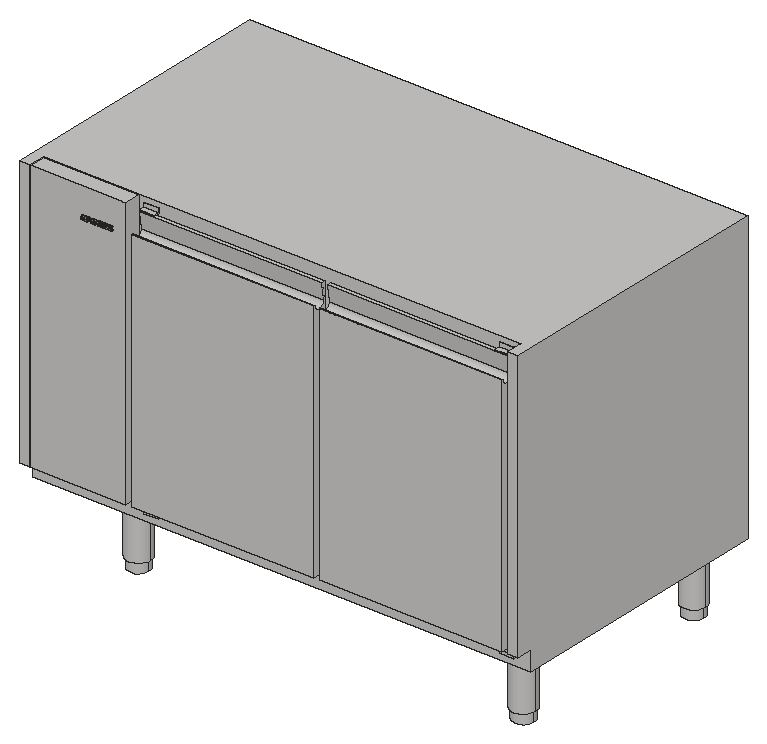
Revit family "QF_ALPENINOX_712268_AH2R8AA", category Specialty Equipment, Revit 2018
Family settings
  Round Connector Dimension = Use Diameter
  Part Type = Normal
  Work Plane-Based = No
  Always vertical = Yes
  Cut with Voids When Loaded = No
  Shared = No
  Room Calculation Point = No
Parameters
  Weight = 0.00 kg
  Watts = 0.00278709 W
  Volts = 220 V
  URL Manufacturer = "http://www.alpeninox.com/"
  URL = "http://www.alpeninox.com/"
  Steam Supply Size = 0 mm
  Steam Supply Minimum Pressure = 0.0 Pa
  Steam Supply Maximum Pressure = 0.0 Pa
  Steam Pounds per Hour = 0
  Show Logo [instance] = yes
  Show Clearance [instance] = yes
  Refrigeration Suction Line Size = 0 mm
  Refrigeration Liquid Line Size = 0 mm
  Refrigerant Compressor Remote = yes
  Manufacturer = "Alpeninox"
  Phase = 1
  Model = "AH2R8AA"
  Length Actual = 1203 mm  # constant formula
  Item Number = "712268"
  Hot Water Size = 0 mm
  Height Actual = 850 mm  # constant formula
  HP = "0 HP"
  Gas Size = 0 mm
  Gas KW = 0
  Gas Input Pressure = 0 W
  Description = "2 DOORS REFRIGER.TABLE 290L- NO TOP - REM"
  Depth Actual = 700 mm  # constant formula
  Cycle = 0 Hz
  Condensate Return Size = 0 mm
  Compressed Air Volume = 0.0 L/s
  Compressed Air Size = 0 mm
  Compressed Air Pressure = 0.0 Pa
  Cold Water Size = 0 mm
  Accessory = yes
Reference planes
  plane 1 "Center X": y = 182.5
  plane 2: z = 0
  plane 3 "Center Y": x = -57.5
  plane 4: y = -62.5
  plane 5: y = 451.5
  plane 6 "BACK": y = 532.5
  plane 7 "FRONT": y = -167.5
  plane 8: x = -452
  plane 9: x = 478
  plane 10: z = 150
  plane 11 "TOP": z = 900
  plane 12: z = 850
  plane 13 "LEFT": x = -659
  plane 14 "RIGHT": x = 544
Forms (mm)
  Extrusion 1, solid, material "QF_Finishes_Stainless Steel"
    sketch origin (-57.5, 2, 0) x (0, 1, 0) y (0, 0, 1)
      loop
        line (530.5, 150) -> (530.5, 850) -> (-124.5, 850) -> (-124.5, 150) -> (530.5, 150)
    from -601.5 to 601.5
  Extrusion 2, solid, material "QF_Finishes_Stainless Steel"
    sketch origin (-1022.223, -1524, 150) x (-1, 0, 0) y (0, -1, 0)
      loop
        line (-363.223, -1361.5) -> (-388.223, -1361.5) -> (-388.223, -1401.5) -> (-363.223, -1401.5) -> (-363.223, -1361.5)
      loop
        line (-1566.223, -1401.5) -> (-1541.223, -1401.5) -> (-1541.223, -1361.5) -> (-1566.223, -1361.5) -> (-1566.223, -1401.5)
    from 47 to 700
  Extrusion 3, solid, material "QF_Finishes_Stainless Steel"
    sketch origin (0, 0, 900) x (-1, 0, 0) y (0, -1, 0)
      loop
        circle (-57, -94.5) r 8.45
    from -790.577 to -750
  Extrusion 4, solid, material "QF_Finishes_Stainless Steel"
    sketch origin (0, 0, 0) x (1, 0, 0) y (0, 1, 0)
      loop
        circle (-594, 207.5) r 8.45
    from 127.77 to 150
  Extrusion 5, solid, material "QF_Finishes_Stainless Steel"
    sketch origin (0, 0, 0) x (1, 0, 0) y (0, 1, 0)
      loop
        circle (-578, 162.5) r 4.75
    from 347 to 367
  Extrusion 6, solid, material "QF_Finishes_Stainless Steel"
    sketch origin (0, 0, 0) x (1, 0, 0) y (0, 1, 0)
      loop
        circle (-531, 4.5) r 4
    from 709 to 729
  Extrusion 7, solid, material "QF_Finishes_Stainless Steel"
    sketch origin (0, 0, 0) x (1, 0, 0) y (0, 1, 0)
      loop
        circle (-553, 159.5) r 4
    from 397 to 417
Cuts and joins
  joined: Extrusion 1, Extrusion 2
Lines and regions (mm)
  symbolic lines, style "SpecialityEquipmentHiddenLines"
    curve 1: line (-659, -122.5, 900) -> (544, -122.5, 900)
    curve 2: line (-396, -162.5, 900) -> (-396, -122.5, 900)
    curve 3: line (-659, 532.5, 900) -> (544, 532.5, 900)
    curve 4: line (-659, 532.5, 900) -> (-659, -162.5, 900)
    curve 5: line (-659, -162.5, 900) -> (544, -162.5, 900)
    curve 6: line (544, -162.5, 900) -> (544, 532.5, 900)
Dimensions and locks
  locked: plane 6 "BACK" to plane 7 "FRONT" at 700
  equal spacing: plane 6 "BACK", plane 1 "Center X", plane 7 "FRONT"
  locked: plane 6 "BACK" to plane 5 at 81
  plane 10 to level = 150 mm
  plane 11 "TOP" to plane 12 to plane 10 = 50 mm locked, 700 mm locked
  locked: Extrusion 2 sketch curve to Extrusion 2 sketch curve at 25  (x2)
  locked: plane 4 to plane 7 "FRONT" at 105
  locked: plane 6 "BACK" to Extrusion 3 sketch curve at 438
  equal spacing: plane 13 "LEFT", plane 3 "Center Y", plane 14 "RIGHT"
  plane 13 "LEFT" to plane 14 "RIGHT" = 1203 mm
  locked: plane 13 "LEFT" to plane 8 at 207
  locked: plane 9 to plane 14 "RIGHT" at 66
  locked: Extrusion 3 sketch curve to plane 14 "RIGHT" at 487
  plane 6 "BACK" to Extrusion 4 sketch curve = 325 mm
  locked: plane 13 "LEFT" to Extrusion 4 sketch curve at 65
  locked: plane 13 "LEFT" to Extrusion 7 sketch curve at 106
  locked: plane 6 "BACK" to Extrusion 7 sketch curve at 373
  locked: plane 6 "BACK" to Extrusion 5 sketch curve at 370
  locked: plane 13 "LEFT" to Extrusion 5 sketch curve at 81
  plane 13 "LEFT" to Extrusion 6 sketch curve = 128 mm
  plane 6 "BACK" to Extrusion 6 sketch curve = 528 mm
  locked: plane 10 to Extrusion 4 at 22.23
  cut or joined group of Extrusion 1, Extrusion 2 to Extrusion 5 to Extrusion 5 to Extrusion 7 to Extrusion 7 to Extrusion 6 to Extrusion 6 = 197 mm locked, 20 mm locked, 30 mm locked, 20 mm locked, 292 mm locked, 20 mm locked
  aligned and locked: level to plane 2
  aligned and locked: plane 10 to Extrusion 3
  aligned and locked: nested 4 to plane 4
  aligned and locked: nested 1 to plane 4
  aligned and locked: nested 3 to plane 5
  aligned and locked: nested 2 to plane 5
  aligned and locked: plane 8 to nested 1
  aligned and locked: plane 8 to nested 2
  aligned and locked: plane 9 to nested 4
  aligned and locked: plane 9 to nested 3
  aligned and locked: Extrusion 1 to Extrusion 2
  aligned and locked: Extrusion 2 to Extrusion 1
  aligned and locked: Extrusion 2 sketch curve to plane 14 "RIGHT"
  aligned and locked: plane 13 "LEFT" to Extrusion 2 sketch curve
  aligned and locked: cut or joined group of Extrusion 1, Extrusion 2 to plane 10
  aligned and locked: plane 12 to cut or joined group of Extrusion 1, Extrusion 2
  aligned and locked: plane 10 to Extrusion 4
  aligned and locked: plane 14 "RIGHT" to nested 8
  aligned and locked: nested 8 to plane 7 "FRONT"
Automatic sketch dimensions
  Extrusion 1 sketch curve to plane 10 = 0 mm
  Extrusion 1 sketch curve to plane 12 = 0 mm
  Extrusion 1 sketch curve to plane 6 "BACK" = 0 mm
  plane 7 "FRONT" to Extrusion 1 sketch curve = 45 mm
  plane 7 "FRONT" to Extrusion 2 sketch curve = 45 mm  (x2)
  plane 7 "FRONT" to Extrusion 2 sketch curve = 5 mm  (x2)
  curve 6 to plane 6 "BACK" = 0 mm
  curve 6 to plane 14 "RIGHT" = 0 mm
  curve 5 to plane 13 "LEFT" = 0 mm
  plane 7 "FRONT" to curve 5 = 5 mm
  plane 8 to curve 2 = 56 mm
  curve 1 to curve 4 = 40 mm
  radius of Extrusion 3 sketch curve = 8.45 mm
  radius of Extrusion 4 sketch curve = 8.45 mm
  radius of Extrusion 5 sketch curve = 4.75 mm
  radius of Extrusion 6 sketch curve = 4 mm
  radius of Extrusion 7 sketch curve = 4 mm
Nested families
  nested 1: "Foot_Ø50_H150" at (-452, -62.5, 0), type "Foot_Ø50_H150"
  nested 2: "Foot_Ø50_H150" at (-452, 451.5, 0), type "Foot_Ø50_H150"
  nested 3: "Foot_Ø50_H150" at (478, 451.5, 0), type "Foot_Ø50_H150"
  nested 4: "Foot_Ø50_H150" at (478, -62.5, 0), type "Foot_Ø50_H150"
  nested 5: "ALP_Cooling Unit_Remote" at (-518.5, -164.5, 0), Show Logo <- "Show Logo", type "ALP_Cooling Unit_Remote"
  nested 6: "Door" at (285, -164.5, 0), Show Clearance <- "Show Clearance", type "Door"
  nested 7: "Door" at (-169, -164.5, 0) x (-1, 0, 0) z (0, 0, 1), Show Clearance <- "Show Clearance", type "Door"
  nested 8: "Refrigerator" at (544, -167.5, 900), type "Refrigerator"
Connectors
  piping at (-594, 207.5, 127.77), diameter 17
    settings: on Extrusion 4, index 1, connector inside diameter 609.6 mm, connector length 0 mm, flow factor 0, pipe flow 0.0 L/s, pressure drop 0.0 Pa, fitting loss kfactor 0, connector angle 0.00°, fixture units 0, engagement length 0 mm, angle of deflection 0.00°, flow configuration 1, flow direction 2, fitting loss method 0, system type 16, joint type 0, gender type 0, connector reference index -1, connector utility 0, adjustable connector no, is connector primary yes, connector description "Drain"
  piping at (-578, 162.5, 347), diameter 2895.6
    settings: on Extrusion 5, index 2, connector inside diameter 609.6 mm, connector length 0 mm, flow factor 0, pipe flow 0.0 L/s, pressure drop 0.0 Pa, fitting loss kfactor 0, connector angle 0.00°, fixture units 0, engagement length 0 mm, angle of deflection 0.00°, flow configuration 1, flow direction 2, fitting loss method 0, system type 8, joint type 0, gender type 0, connector reference index -1, connector utility 0, adjustable connector no, is connector primary no, connector description "Refrigerant Outlet"
  piping at (-553, 159.5, 397), diameter 2438.4
    settings: on Extrusion 7, index 3, connector inside diameter 609.6 mm, connector length 0 mm, flow factor 0, pipe flow 0.0 L/s, pressure drop 0.0 Pa, fitting loss kfactor 0, connector angle 0.00°, fixture units 0, engagement length 0 mm, angle of deflection 0.00°, flow configuration 1, flow direction 1, fitting loss method 0, system type 7, joint type 0, gender type 0, connector reference index -1, connector utility 0, adjustable connector no, is connector primary no, connector description "Refrigerant Inlet"
  electrical at (-531, 4.5, 709)
    settings: on Extrusion 6, index 4, voltage 0 V, apparent load 0 VA, apparent load phase1 0 VA, apparent load phase2 0 VA, apparent load phase3 0 VA, power factor 1, load classification "Altro", number of poles 1, system type 30, power factor state 1, is connector primary yes, connector utility no, sub classification motor no, connector description "Electrical Connection"
  piping at (57, 94.5, 109.423), diameter 17
    settings: on Extrusion 3, index 5, connector inside diameter 609.6 mm, connector length 0 mm, flow factor 0, pipe flow 0.0 L/s, pressure drop 0.0 Pa, fitting loss kfactor 0, connector angle 0.00°, fixture units 0, engagement length 0 mm, angle of deflection 0.00°, flow configuration 1, flow direction 2, fitting loss method 0, system type 16, joint type 0, gender type 0, connector reference index -1, connector utility 0, adjustable connector no, is connector primary no, connector description "Drain"
Definition of nested family "Foot_Ø50_H150"
  Reference planes
    plane 1 "Centro (Fronte/Retro)": y = 0
    plane 2: z = 0
    plane 3 "Centro (Sinistra/Destra)": x = 0
    plane 4: z = 150
  Forms (mm)
    Revolve 1, solid
      sketch origin (255.05, 0, 608.09) x (0, 0, 1) y (-1, 0, 0)
        loop
          line (-608.09, 255.05) -> (-608.09, 230.05) -> (-583.09, 230.05) -> (-583.09, 226.05) -> (-458.09, 226.05) -> (-458.09, 255.05) -> (-608.09, 255.05)
        axis (-608.09, 255.05) -> (-458.09, 255.05)
      angle from 0 to 360
  Dimensions and locks
    locked: Revolve 1 sketch curve to Revolve 1 sketch curve at 125
    aligned and locked: level to plane 2
    aligned and locked: plane 4 to Revolve 1 sketch curve
    aligned and locked: Revolve 1 sketch curve to level
    aligned and locked: plane 3 "Centro (Sinistra/Destra)" to Revolve 1 sketch curve
Definition of nested family "ALP_Cooling Unit_Remote"
  Parameters
    Show Logo [instance] = yes
  Reference planes
    plane 1 "FRONT": y = -3
    plane 2: z = 0
    plane 3 "Centro (Sinistra/Destra)": x = 0
    plane 4: z = 150
    plane 5: z = 850
    plane 6: x = -115.5
    plane 7: x = 115.5
  Forms (mm)
    Extrusion 1, solid
      sketch origin (0, 55, 511) x (0, 0, 1) y (0, -1, 0)
        loop
          line (-314, 53) -> (-314, 13) -> (339, 13) -> (339, 53) -> (-314, 53)
      from -115.5 to 115.5
  Lines and regions (mm)
    Split face 1
      outline origin (0, 2, 197) x (0, 0, 1) y (-1, 0, 0)
        loop
          line (622.361, 88.738) -> (620.361, 90.738) -> (551.361, 90.738) -> (549.361, 88.738) -> (549.361, -88.738) -> (551.361, -90.738) -> (620.361, -90.738) -> (622.361, -88.738) -> (622.361, 88.738)
    Split face 2
      outline origin (0, 2, 197) x (0, 0, 1) y (-1, 0, 0)
        loop
          line (617.361, 90.738) -> (617.361, -90.738)
        loop
          line (554.361, 90.738) -> (554.361, -90.738)
    Split face 3
      outline origin (0, 2, 197) x (0, 0, 1) y (-1, 0, 0)
        loop
          line (615.361, 90.738) -> (615.361, -90.738)
        loop
          line (556.361, 90.738) -> (556.361, -90.738)
    Split face 4
      outline origin (0, 2, 197) x (0, 0, 1) y (-1, 0, 0)
        loop
          line (594.861, 71.967) -> (576.861, 71.967) -> (576.861, 6.967) -> (594.861, 6.967) -> (594.861, 71.967)
  Dimensions and locks
    aligned and locked: level to plane 2
  Nested families
    nested 1: "ALP_Logo_XS" at (45.369, 2, 782.861) x (1, 0, 0) z (0, -1, 0), visible <- "Show Logo", type "ALP_Logo_XS"
  Definition of nested family "ALP_Logo_XS"
    Parameters
      Default Elevation = 0 mm
    Reference planes
      plane 1 "Centro (Fronte/Retro)": y = 0
      plane 2: z = 0
      plane 3 "Centro (Sinistra/Destra)": x = 0
    Forms (mm)
      Extrusion 1, solid
        sketch origin (0, 0, 0) x (1, 0, 0) y (0, 1, 0)
          loop
            line (-1219.2, 1219.2) -> (-1219.2, -1219.2) -> (1219.2, -1219.2) -> (1219.2, 1219.2) -> (-1219.2, 1219.2)
        from 0 to -304.8
      Extrusion 2, solid
        sketch origin (17.793, -46.218, 0) x (-1, 0, 0) y (0, -1, 0)
          loop
            arc (56.029, -42.55) -> (55.919, -41.581) -> (55.073, -41.095) r 1.08
            line (55.073, -41.095) -> (54.045, -41.845) -> (53.618, -43.159) -> (49.653, -43.159) -> (49.224, -41.83) -> (48.183, -41.095)
            arc (48.183, -41.095) -> (47.402, -41.616) -> (47.313, -42.55) r 1.094
            line (47.313, -42.55) -> (50.109, -50.245)
            spline (50.109, -50.245) -> (50.175, -50.41) -> (50.254, -50.567) -> (50.343, -50.714) -> (50.444, -50.85) -> (50.556, -50.974) -> (50.679, -51.085) -> (50.813, -51.182) -> (50.957, -51.264) -> (51.112, -51.329) -> (51.277, -51.377) -> (51.452, -51.407) -> (51.636, -51.417)
            spline (51.636, -51.417) -> (51.814, -51.407) -> (51.984, -51.375) -> (52.146, -51.325) -> (52.3, -51.258) -> (52.445, -51.174) -> (52.58, -51.075) -> (52.705, -50.962) -> (52.819, -50.837) -> (52.923, -50.702) -> (53.015, -50.557) -> (53.095, -50.405) -> (53.163, -50.245)
            line (53.163, -50.245) -> (56.029, -42.55)
          loop
            line (53.005, -45.11) -> (50.294, -45.11) -> (51.633, -49.253) -> (53.005, -45.11)
          loop
            spline (46.282, -42.339) -> (46.273, -42.168) -> (46.248, -42.008) -> (46.207, -41.86) -> (46.149, -41.725) -> (46.077, -41.602) -> (45.989, -41.494) -> (45.886, -41.401) -> (45.77, -41.323) -> (45.64, -41.261) -> (45.496, -41.216) -> (45.339, -41.189) -> (45.17, -41.179)
            line (45.17, -41.179) -> (41.605, -41.179)
            spline (41.605, -41.179) -> (41.453, -41.189) -> (41.312, -41.216) -> (41.183, -41.26) -> (41.065, -41.318) -> (40.959, -41.389) -> (40.866, -41.471) -> (40.784, -41.563) -> (40.716, -41.664) -> (40.661, -41.77) -> (40.619, -41.882) -> (40.591, -41.997) -> (40.577, -42.113)
            spline (40.577, -42.113) -> (40.581, -42.234) -> (40.598, -42.356) -> (40.63, -42.475) -> (40.676, -42.591) -> (40.737, -42.7) -> (40.813, -42.802) -> (40.904, -42.894) -> (41.012, -42.973) -> (41.135, -43.039) -> (41.275, -43.088) -> (41.431, -43.119) -> (41.605, -43.13)
            line (41.605, -43.13) -> (44.143, -43.13) -> (44.143, -50.23)
            spline (44.143, -50.23) -> (44.152, -50.4) -> (44.18, -50.557) -> (44.224, -50.701) -> (44.284, -50.83) -> (44.359, -50.946) -> (44.448, -51.047) -> (44.55, -51.133) -> (44.663, -51.204) -> (44.787, -51.26) -> (44.921, -51.301) -> (45.064, -51.325) -> (45.214, -51.333)
            spline (45.214, -51.333) -> (45.363, -51.325) -> (45.506, -51.301) -> (45.639, -51.26) -> (45.763, -51.204) -> (45.876, -51.133) -> (45.977, -51.047) -> (46.066, -50.946) -> (46.141, -50.83) -> (46.201, -50.701) -> (46.245, -50.557) -> (46.272, -50.4) -> (46.282, -50.23)
            line (46.282, -50.23) -> (46.282, -42.339)
          loop
            spline (39.662, -42.198) -> (39.653, -42.028) -> (39.625, -41.871) -> (39.581, -41.727) -> (39.521, -41.598) -> (39.446, -41.482) -> (39.357, -41.381) -> (39.255, -41.295) -> (39.142, -41.224) -> (39.018, -41.168) -> (38.884, -41.128) -> (38.742, -41.103) -> (38.593, -41.095)
            spline (38.593, -41.095) -> (38.443, -41.103) -> (38.3, -41.128) -> (38.167, -41.168) -> (38.043, -41.224) -> (37.93, -41.295) -> (37.829, -41.381) -> (37.74, -41.482) -> (37.665, -41.598) -> (37.605, -41.727) -> (37.561, -41.871) -> (37.534, -42.028) -> (37.524, -42.198)
            line (37.524, -42.198) -> (37.524, -44.517) -> (35.94, -44.517)
            spline (35.94, -44.517) -> (35.46, -44.544) -> (34.998, -44.622) -> (34.559, -44.75) -> (34.147, -44.927) -> (33.768, -45.15) -> (33.424, -45.418) -> (33.122, -45.73) -> (32.864, -46.082) -> (32.656, -46.474) -> (32.502, -46.904) -> (32.407, -47.369) -> (32.374, -47.87)
            spline (32.374, -47.87) -> (32.406, -48.361) -> (32.499, -48.822) -> (32.65, -49.25) -> (32.855, -49.644) -> (33.11, -50) -> (33.413, -50.317) -> (33.76, -50.592) -> (34.147, -50.822) -> (34.57, -51.005) -> (35.027, -51.139) -> (35.513, -51.221) -> (36.026, -51.249)
            line (36.026, -51.249) -> (38.548, -51.249)
            spline (38.548, -51.249) -> (38.72, -51.24) -> (38.879, -51.213) -> (39.023, -51.17) -> (39.154, -51.11) -> (39.271, -51.036) -> (39.373, -50.946) -> (39.46, -50.843) -> (39.532, -50.727) -> (39.588, -50.598) -> (39.629, -50.458) -> (39.654, -50.306) -> (39.662, -50.145)
            line (39.662, -50.145) -> (39.662, -42.198)
          loop
            line (37.524, -49.381) -> (37.524, -46.382) -> (36.065, -46.382)
            spline (36.065, -46.382) -> (35.848, -46.396) -> (35.645, -46.435) -> (35.458, -46.498) -> (35.287, -46.583) -> (35.132, -46.689) -> (34.996, -46.814) -> (34.878, -46.958) -> (34.78, -47.117) -> (34.702, -47.29) -> (34.645, -47.477) -> (34.61, -47.675) -> (34.599, -47.882)
            spline (34.599, -47.882) -> (34.61, -48.09) -> (34.645, -48.288) -> (34.702, -48.474) -> (34.78, -48.648) -> (34.878, -48.807) -> (34.996, -48.95) -> (35.132, -49.075) -> (35.287, -49.181) -> (35.458, -49.266) -> (35.645, -49.329) -> (35.848, -49.368) -> (36.065, -49.381)
            line (36.065, -49.381) -> (37.524, -49.381)
          loop
            spline (23.911, -45.178) -> (23.6, -45.189) -> (23.319, -45.221) -> (23.07, -45.274) -> (22.85, -45.346) -> (22.659, -45.437) -> (22.496, -45.545) -> (22.36, -45.67) -> (22.251, -45.81) -> (22.167, -45.965) -> (22.109, -46.133) -> (22.074, -46.314) -> (22.063, -46.506)
            spline (22.063, -46.506) -> (22.102, -47.066) -> (22.218, -47.632) -> (22.407, -48.193) -> (22.666, -48.74) -> (22.993, -49.263) -> (23.383, -49.749) -> (23.833, -50.189) -> (24.34, -50.573) -> (24.901, -50.89) -> (25.513, -51.129) -> (26.173, -51.281) -> (26.876, -51.333)
            spline (26.876, -51.333) -> (27.564, -51.284) -> (28.212, -51.14) -> (28.817, -50.909) -> (29.374, -50.599) -> (29.881, -50.217) -> (30.332, -49.772) -> (30.725, -49.271) -> (31.055, -48.721) -> (31.318, -48.131) -> (31.511, -47.508) -> (31.63, -46.859) -> (31.67, -46.193)
            spline (31.67, -46.193) -> (31.629, -45.477) -> (31.508, -44.798) -> (31.31, -44.16) -> (31.039, -43.568) -> (30.698, -43.027) -> (30.291, -42.543) -> (29.821, -42.119) -> (29.292, -41.762) -> (28.707, -41.475) -> (28.07, -41.265) -> (27.385, -41.135) -> (26.653, -41.09)
            spline (26.653, -41.09) -> (26.149, -41.112) -> (25.639, -41.177) -> (25.132, -41.281) -> (24.637, -41.419) -> (24.165, -41.589) -> (23.724, -41.786) -> (23.325, -42.006) -> (22.977, -42.247) -> (22.689, -42.505) -> (22.472, -42.775) -> (22.335, -43.053) -> (22.287, -43.337)
            spline (22.287, -43.337) -> (22.293, -43.479) -> (22.313, -43.618) -> (22.346, -43.753) -> (22.392, -43.881) -> (22.451, -44) -> (22.521, -44.11) -> (22.604, -44.208) -> (22.698, -44.292) -> (22.804, -44.36) -> (22.921, -44.412) -> (23.05, -44.444) -> (23.188, -44.456)
            spline (23.188, -44.456) -> (23.413, -44.429) -> (23.628, -44.352) -> (23.84, -44.236) -> (24.057, -44.091) -> (24.285, -43.927) -> (24.531, -43.753) -> (24.801, -43.58) -> (25.102, -43.417) -> (25.441, -43.275) -> (25.824, -43.165) -> (26.258, -43.095) -> (26.75, -43.076)
            spline (26.75, -43.076) -> (27.057, -43.097) -> (27.356, -43.149) -> (27.643, -43.23) -> (27.916, -43.341) -> (28.172, -43.479) -> (28.409, -43.645) -> (28.624, -43.837) -> (28.815, -44.056) -> (28.978, -44.3) -> (29.111, -44.569) -> (29.211, -44.862) -> (29.276, -45.178)
            line (29.276, -45.178) -> (23.911, -45.178)
          loop
            line (29.332, -47.164) -> (24.402, -47.164)
            spline (24.402, -47.164) -> (24.458, -47.453) -> (24.55, -47.736) -> (24.676, -48.011) -> (24.833, -48.274) -> (25.018, -48.52) -> (25.228, -48.746) -> (25.461, -48.947) -> (25.715, -49.121) -> (25.985, -49.263) -> (26.271, -49.369) -> (26.569, -49.435) -> (26.876, -49.458)
            spline (26.876, -49.458) -> (27.172, -49.434) -> (27.462, -49.366) -> (27.743, -49.257) -> (28.013, -49.112) -> (28.266, -48.936) -> (28.501, -48.731) -> (28.714, -48.504) -> (28.902, -48.257) -> (29.061, -47.995) -> (29.188, -47.723) -> (29.279, -47.444) -> (29.332, -47.164)
          loop
            spline (20.938, -42.198) -> (20.929, -42.028) -> (20.901, -41.871) -> (20.857, -41.727) -> (20.796, -41.597) -> (20.721, -41.482) -> (20.632, -41.381) -> (20.53, -41.295) -> (20.416, -41.224) -> (20.292, -41.168) -> (20.158, -41.127) -> (20.016, -41.103) -> (19.866, -41.095)
            spline (19.866, -41.095) -> (19.716, -41.103) -> (19.574, -41.127) -> (19.441, -41.168) -> (19.317, -41.224) -> (19.204, -41.295) -> (19.102, -41.381) -> (19.013, -41.482) -> (18.938, -41.597) -> (18.878, -41.727) -> (18.834, -41.871) -> (18.806, -42.028) -> (18.797, -42.198)
            line (18.797, -42.198) -> (18.797, -47.511) -> (14.246, -41.561) -> (13.347, -41.095)
            spline (13.347, -41.095) -> (13.197, -41.103) -> (13.055, -41.127) -> (12.921, -41.168) -> (12.797, -41.224) -> (12.684, -41.295) -> (12.582, -41.381) -> (12.494, -41.482) -> (12.418, -41.597) -> (12.358, -41.727) -> (12.314, -41.871) -> (12.287, -42.028) -> (12.277, -42.198)
            line (12.277, -42.198) -> (12.277, -50.23)
            spline (12.277, -50.23) -> (12.287, -50.4) -> (12.314, -50.557) -> (12.358, -50.701) -> (12.418, -50.83) -> (12.494, -50.946) -> (12.582, -51.047) -> (12.684, -51.133) -> (12.797, -51.204) -> (12.921, -51.26) -> (13.055, -51.301) -> (13.197, -51.325) -> (13.347, -51.333)
            spline (13.347, -51.333) -> (13.497, -51.325) -> (13.639, -51.301) -> (13.773, -51.26) -> (13.897, -51.204) -> (14.011, -51.133) -> (14.113, -51.047) -> (14.202, -50.946) -> (14.277, -50.83) -> (14.337, -50.701) -> (14.381, -50.557) -> (14.408, -50.4) -> (14.418, -50.23)
            line (14.418, -50.23) -> (14.418, -44.847) -> (18.968, -50.865) -> (19.866, -51.333)
            spline (19.866, -51.333) -> (20.016, -51.325) -> (20.158, -51.301) -> (20.292, -51.26) -> (20.416, -51.204) -> (20.53, -51.133) -> (20.632, -51.047) -> (20.721, -50.946) -> (20.796, -50.83) -> (20.857, -50.701) -> (20.901, -50.557) -> (20.929, -50.4) -> (20.938, -50.23)
            line (20.938, -50.23) -> (20.938, -42.198)
          loop
            spline (10.94, -42.198) -> (10.93, -42.028) -> (10.903, -41.871) -> (10.859, -41.727) -> (10.799, -41.597) -> (10.724, -41.482) -> (10.635, -41.381) -> (10.533, -41.295) -> (10.42, -41.224) -> (10.296, -41.168) -> (10.162, -41.127) -> (10.019, -41.103) -> (9.869, -41.095)
            spline (9.869, -41.095) -> (9.719, -41.103) -> (9.577, -41.127) -> (9.443, -41.168) -> (9.319, -41.224) -> (9.206, -41.295) -> (9.105, -41.381) -> (9.016, -41.482) -> (8.941, -41.597) -> (8.881, -41.727) -> (8.837, -41.871) -> (8.81, -42.028) -> (8.8, -42.198)
            line (8.8, -42.198) -> (8.8, -50.23)
            spline (8.8, -50.23) -> (8.81, -50.4) -> (8.837, -50.557) -> (8.881, -50.701) -> (8.941, -50.83) -> (9.016, -50.946) -> (9.105, -51.047) -> (9.206, -51.133) -> (9.319, -51.204) -> (9.443, -51.26) -> (9.577, -51.301) -> (9.719, -51.325) -> (9.869, -51.333)
            spline (9.869, -51.333) -> (10.019, -51.325) -> (10.162, -51.301) -> (10.296, -51.26) -> (10.42, -51.204) -> (10.533, -51.133) -> (10.635, -51.047) -> (10.724, -50.946) -> (10.799, -50.83) -> (10.859, -50.701) -> (10.903, -50.557) -> (10.93, -50.4) -> (10.94, -50.23)
            line (10.94, -50.23) -> (10.94, -42.198)
          loop
            spline (7.462, -42.198) -> (7.452, -42.028) -> (7.425, -41.871) -> (7.381, -41.727) -> (7.321, -41.597) -> (7.246, -41.482) -> (7.157, -41.381) -> (7.055, -41.295) -> (6.942, -41.224) -> (6.818, -41.168) -> (6.685, -41.127) -> (6.542, -41.103) -> (6.393, -41.095)
            spline (6.393, -41.095) -> (6.243, -41.103) -> (6.1, -41.127) -> (5.966, -41.168) -> (5.842, -41.224) -> (5.729, -41.295) -> (5.627, -41.381) -> (5.538, -41.482) -> (5.463, -41.597) -> (5.402, -41.727) -> (5.358, -41.871) -> (5.331, -42.028) -> (5.321, -42.198)
            line (5.321, -42.198) -> (5.321, -47.511) -> (0.771, -41.561) -> (-0.128, -41.095)
            spline (-0.128, -41.095) -> (-0.278, -41.103) -> (-0.42, -41.127) -> (-0.554, -41.168) -> (-0.678, -41.224) -> (-0.791, -41.295) -> (-0.893, -41.381) -> (-0.982, -41.482) -> (-1.057, -41.597) -> (-1.117, -41.727) -> (-1.162, -41.871) -> (-1.189, -42.028) -> (-1.199, -42.198)
            line (-1.199, -42.198) -> (-1.199, -50.23)
            spline (-1.199, -50.23) -> (-1.189, -50.4) -> (-1.162, -50.557) -> (-1.117, -50.701) -> (-1.057, -50.83) -> (-0.982, -50.946) -> (-0.893, -51.047) -> (-0.791, -51.133) -> (-0.678, -51.204) -> (-0.554, -51.26) -> (-0.42, -51.301) -> (-0.278, -51.325) -> (-0.128, -51.333)
            spline (-0.128, -51.333) -> (0.022, -51.325) -> (0.164, -51.301) -> (0.298, -51.26) -> (0.422, -51.204) -> (0.536, -51.133) -> (0.637, -51.047) -> (0.726, -50.946) -> (0.801, -50.83) -> (0.861, -50.701) -> (0.905, -50.557) -> (0.932, -50.4) -> (0.942, -50.23)
            line (0.942, -50.23) -> (0.942, -44.847) -> (5.493, -50.865) -> (6.393, -51.333)
            spline (6.393, -51.333) -> (6.542, -51.325) -> (6.685, -51.301) -> (6.818, -51.26) -> (6.942, -51.204) -> (7.055, -51.133) -> (7.157, -51.047) -> (7.246, -50.946) -> (7.321, -50.83) -> (7.381, -50.701) -> (7.425, -50.557) -> (7.452, -50.4) -> (7.462, -50.23)
            line (7.462, -50.23) -> (7.462, -42.198)
          loop
            spline (-7.232, -41.01) -> (-7.943, -41.056) -> (-8.611, -41.192) -> (-9.232, -41.411) -> (-9.803, -41.709) -> (-10.321, -42.078) -> (-10.782, -42.514) -> (-11.181, -43.011) -> (-11.516, -43.564) -> (-11.783, -44.166) -> (-11.978, -44.812) -> (-12.097, -45.497) -> (-12.138, -46.214)
            spline (-12.138, -46.214) -> (-12.096, -46.919) -> (-11.974, -47.596) -> (-11.774, -48.238) -> (-11.503, -48.839) -> (-11.163, -49.393) -> (-10.76, -49.893) -> (-10.297, -50.333) -> (-9.778, -50.707) -> (-9.208, -51.008) -> (-8.591, -51.231) -> (-7.931, -51.37) -> (-7.232, -51.417)
            spline (-7.232, -51.417) -> (-6.524, -51.371) -> (-5.858, -51.236) -> (-5.238, -51.018) -> (-4.666, -50.722) -> (-4.148, -50.353) -> (-3.687, -49.918) -> (-3.286, -49.422) -> (-2.95, -48.87) -> (-2.682, -48.267) -> (-2.486, -47.62) -> (-2.366, -46.934) -> (-2.325, -46.214)
            spline (-2.325, -46.214) -> (-2.366, -45.497) -> (-2.487, -44.812) -> (-2.684, -44.166) -> (-2.953, -43.564) -> (-3.29, -43.011) -> (-3.692, -42.514) -> (-4.154, -42.078) -> (-4.672, -41.709) -> (-5.243, -41.411) -> (-5.862, -41.192) -> (-6.527, -41.056) -> (-7.232, -41.01)
          loop
            spline (-7.232, -42.962) -> (-7.665, -42.993) -> (-8.059, -43.083) -> (-8.414, -43.227) -> (-8.731, -43.422) -> (-9.01, -43.661) -> (-9.251, -43.941) -> (-9.454, -44.257) -> (-9.62, -44.605) -> (-9.748, -44.979) -> (-9.839, -45.374) -> (-9.894, -45.788) -> (-9.912, -46.214)
            spline (-9.912, -46.214) -> (-9.894, -46.637) -> (-9.837, -47.049) -> (-9.744, -47.444) -> (-9.614, -47.818) -> (-9.446, -48.165) -> (-9.241, -48.482) -> (-8.998, -48.763) -> (-8.719, -49.003) -> (-8.403, -49.198) -> (-8.049, -49.344) -> (-7.659, -49.434) -> (-7.232, -49.466)
            spline (-7.232, -49.466) -> (-6.804, -49.434) -> (-6.414, -49.344) -> (-6.06, -49.198) -> (-5.743, -49.003) -> (-5.464, -48.763) -> (-5.222, -48.482) -> (-5.017, -48.165) -> (-4.849, -47.818) -> (-4.718, -47.444) -> (-4.625, -47.049) -> (-4.568, -46.637) -> (-4.55, -46.214)
            spline (-4.55, -46.214) -> (-4.568, -45.788) -> (-4.623, -45.374) -> (-4.714, -44.979) -> (-4.842, -44.605) -> (-5.008, -44.257) -> (-5.211, -43.941) -> (-5.452, -43.661) -> (-5.731, -43.422) -> (-6.048, -43.227) -> (-6.404, -43.083) -> (-6.798, -42.993) -> (-7.232, -42.962)
          loop
            arc (-12.168, -42.806) -> (-12.411, -41.323) -> (-13.895, -41.561) r 1.064
            line (-13.895, -41.561) -> (-16.234, -44.786) -> (-18.574, -41.561)
            arc (-18.574, -41.561) -> (-20.072, -41.304) -> (-20.3, -42.806) r 1.064
            line (-20.3, -42.806) -> (-17.477, -46.566) -> (-19.787, -49.678)
            arc (-19.787, -49.678) -> (-19.432, -51.089) -> (-18.004, -50.81) r 1.057
            line (-18.004, -50.81) -> (-16.234, -48.321) -> (-14.389, -50.918)
            arc (-14.389, -50.918) -> (-12.91, -51.16) -> (-12.683, -49.678) r 1.055
            line (-12.683, -49.678) -> (-14.994, -46.566) -> (-12.168, -42.806)
        from 0 to 1.644
    Dimensions and locks
      aligned and locked: plane 2 to Extrusion 1
      aligned and locked: level to Extrusion 1
Definition of nested family "Door"
  Parameters
    Show Clearance [instance] = yes
  Reference planes
    plane 1 "FRONT": y = -3
    plane 2: z = 0
    plane 3 "Centro (Sinistra/Destra)": x = 0
    plane 4: z = 150
    plane 5: z = 850
    plane 6: x = -234
    plane 7: x = 234
    plane 8: x = -220
    plane 9: x = 220
  Forms (mm)
    Extrusion 1, solid
      sketch origin (0, 53, 511) x (0, 0, 1) y (0, -1, 0)
        loop
          line (-323.003, 28.5) -> (-316.501, 28.5) -> (-316.501, 31) -> (-325.503, 31) -> (-325.503, 13.5) -> (-345.503, 13.5) -> (-345.503, 11) -> (-323.003, 11) -> (-323.003, 23.259) -> (-323.003, 28.5)
        loop
          line (-314, 27) -> (-316.501, 27) -> (-316.501, 18.501) -> (-319.752, 18.501) -> (-319.752, 16) -> (-314, 16) -> (-314, 27)
        loop
          line (315.003, 27) -> (315.003, 13.948) -> (315.003, 11) -> (327.503, 11) -> (327.503, 13.5) -> (317.503, 13.5) -> (317.503, 27) -> (315.003, 27)
      from 185 to 220
    Extrusion 2, solid, visible <- "Show Clearance", detail levels coarse
      sketch origin (0, 53, 511) x (0, -1, 0) y (1, 0, 0)
        loop
          line (51, 220) -> (51, -220)
          arc (51, -220) -> (339.234, -79.44) -> (454, 220) r 437.168
          line (454, 220) -> (51, 220)
      from -314 to 314
    Extrusion 3, solid
      sketch origin (0, 55, 511) x (0, 0, 1) y (0, -1, 0)
        loop
          line (314, 18) -> (314, 29) -> (274.395, 22.5)
          arc (274.395, 22.5) -> (260.395, 36.5) -> (274.395, 50.5) r 14
          line (274.395, 50.5) -> (274.395, 53) -> (-314, 53) -> (-314, 18) -> (314, 18)
      from -220 to 220
  Lines and regions (mm)
    symbolic lines
      curve 1: line (220, -3, 0) -> (220, -401, 0)
      curve 2: line (220, -401, 0) -> (185, -401, 0)
      curve 3: line (185, -401, 0) -> (185, -3, 0)
      curve 4: arc (-219.722, -3, 0) -> (-89.51, -275.368, 0) -> (185, -401, 0) r 442.855
  Dimensions and locks
    aligned and locked: level to plane 2
Definition of nested family "Refrigerator"
  Reference planes
    plane 1 "Center (Front/Back)": y = 0
    plane 2: z = 0
    plane 3 "Center (Left/Right)": x = 0
  Lines and regions (mm)
    detail lines, in view "Ref. Level"
      curve 1: spline (-500, 190, 0) -> (-493.185, 166.706, 0) -> (-473.205, 145, 0) -> (-441.421, 126.36, 0) -> (-400, 112.058, 0) -> (-351.764, 103.067, 0) -> (-300, 100, 0) -> (-248.236, 103.067, 0) -> (-200, 112.058, 0) -> (-158.579, 126.36, 0) -> (-126.795, 145, 0) -> (-106.815, 166.706, 0) -> (-100, 190, 0) -> (-106.815, 213.294, 0) -> (-126.795, 235, 0) -> (-158.579, 253.64, 0) -> (-200, 267.942, 0) -> (-248.236, 276.933, 0) -> (-300, 280, 0) -> (-351.764, 276.933, 0) -> (-400, 267.942, 0) -> (-441.421, 253.64, 0) -> (-473.205, 235, 0) -> (-493.185, 213.294, 0) -> (-500, 190, 0)
      curve 2: line (-300, 130, 0) -> (-300, 250, 0)
      curve 3: line (-351.962, 220, 0) -> (-248.038, 160, 0)
      curve 4: line (-351.962, 160, 0) -> (-248.038, 220, 0)
      curve 5: line (-280.884, 246.873, 0) -> (-300, 225, 0)
      curve 6: line (-300, 225, 0) -> (-319.116, 246.873, 0)
      curve 7: line (-330.311, 207.5, 0) -> (-339.696, 234.992, 0)
      curve 8: line (-358.812, 201.882, 0) -> (-330.311, 207.5, 0)
      curve 9: line (-330.311, 172.5, 0) -> (-358.812, 178.118, 0)
      curve 10: line (-339.696, 145.008, 0) -> (-330.311, 172.5, 0)
      curve 11: line (-300, 155, 0) -> (-319.116, 133.127, 0)
      curve 12: line (-280.884, 133.127, 0) -> (-300, 155, 0)
      curve 13: line (-269.689, 172.5, 0) -> (-260.304, 145.008, 0)
      curve 14: line (-241.188, 178.118, 0) -> (-269.689, 172.5, 0)
      curve 15: line (-269.689, 207.5, 0) -> (-241.188, 201.882, 0)
      curve 16: line (-260.304, 234.992, 0) -> (-269.689, 207.5, 0)
